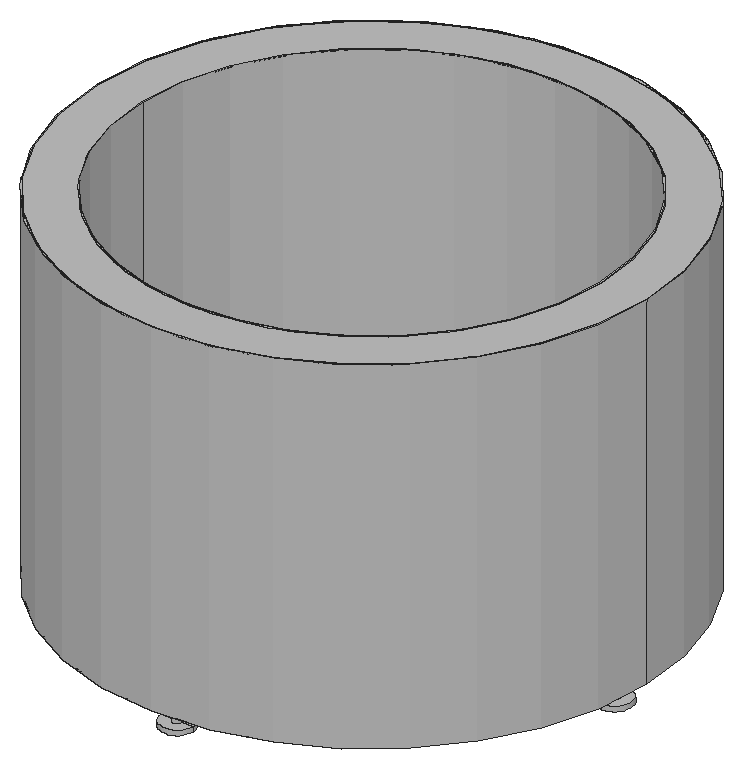
Revit family "L-FUC_식재대_YP-210_예건", category 일반 모델, Revit 2021
Family settings
  보강 철근 호스트 가능 = 아니오
  원형 커넥터 치수 = 지름 사용
  부품 유형 = 보통
  작업 기준면 기반 = 아니오
  항상 수직 = 예
  로드될 때 보이드를 사용하여 절단 = 아니오
  공유 = 아니오
  룸 계산 점 = 아니오
Parameters
  한국산업규격KS = ""
  조달청표준공사코드-세부공종 = ""
  기본 입면도 = 0 mm
  건설정보분류체계-부위분류 = "E988"
  LIM_INFO_주의사항 = "재배포, 재가공, 판매 금지"
  LIM_INFO_제품업체 = "예건"
  LIM_INFO_제품번호 = "YF-16"
  LIM_INFO_제품명 = "펜스_YF-16"
  LIM_INFO_제작일 = "20230315"
  LIM_INFO_재료 = "Hardwood, STL-pipe, STL-plate"
  LIM_INFO_업체정보 = ""
  LIM_INFO_업체URL = "https://yekun.com/"
  LIM_INFO_업체TEL = "(+82)31-943-6114"
  LIM_INFO_업체EMAIL = "yekun@yekun.com"
  LIM_INFO_버전 = "2023_V01"
  LIM_INFO_기타정보 = ""
  LIM_INFO_규격 = "W2000 x H1800"
  LIM_INFO_가격 = 0
  LIM_INFO_PV_포장재여부 = yes
  LIM_INFO_PV_면적 = 0.00 m²
  KBIMS_식별-버전 = ""
  KBIMS_식별-bSK등록번호 = ""
  KBIMS_보급정보-저작자 = "림인포테크_MMJ"
  KBIMS_보급정보-보급코드 = ""
Reference planes
  plane 1 "중심(앞/뒤)": y = 0
  plane 2: z = 0
  plane 3 "중심(왼쪽/오른쪽)": x = 0
Dimensions and locks
  aligned and locked: level to plane 2
Nested families
  nested 1: "YP-210_base" at (0, 0, 0), type "YP-210_base"
Definition of nested family "YP-210_base"
  Parameters (values of type "YP-210_base")
    Default Elevation = 0 mm
  Reference planes
    plane 1 "중심(앞/뒤)": y = 0
    plane 2: z = 0
    plane 3 "중심(왼쪽/오른쪽)": x = 0
  Forms (mm)
    Sweep 1, solid, not visible, detail levels fine
      path origin (0, 0, 0) x (1, 0, 0) y (0, 1, 0)
        loop
          circle (-1867.879, -167.062) r 568.25
      profile origin (-1867.879, 401.188, 0) x (0, -1, 0) y (0, 0, 1)
        loop
          circle (0, 0) r 28.75
        loop
          circle (0, 0) r 30.25
    Sweep 2, solid, not visible, detail levels coarse+medium
      path origin (0, 0, 0) x (1, 0, 0) y (0, 1, 0)
        loop
          circle (-1867.879, -167.062) r 568.25
      profile origin (-1867.879, 401.188, 0) x (0, -1, 0) y (0, 0, 1)
        loop
          line (26.465, -11.234) -> (26.657, 10.77) -> (11.234, 26.465) -> (-10.77, 26.657) -> (-26.465, 11.234) -> (-26.657, -10.77) -> (-11.234, -26.465) -> (10.77, -26.657) -> (26.465, -11.234)
        loop
          line (28.047, 11.332) -> (11.82, 27.845) -> (-11.332, 28.047) -> (-27.845, 11.82) -> (-28.047, -11.332) -> (-11.82, -27.845) -> (11.332, -28.047) -> (27.845, -11.82) -> (28.047, 11.332)
    Sweep 3, solid, not visible, detail levels fine
      path origin (0, 0, -1310.25) x (1, 0, 0) y (0, 1, 0)
        loop
          circle (-1867.879, -167.062) r 568.25
      profile origin (-1867.879, 401.188, -1310.25) x (0, -1, 0) y (0, 0, 1)
        loop
          circle (0, 1310.25) r 28.75
        loop
          circle (0, 1310.25) r 30.25
    Sweep 4, solid, not visible, detail levels coarse+medium
      path origin (0, 0, -1310.25) x (1, 0, 0) y (0, 1, 0)
        loop
          circle (-1867.879, -167.062) r 568.25
      profile origin (-1867.879, 401.188, -1310.25) x (0, -1, 0) y (0, 0, 1)
        loop
          line (26.465, 1299.016) -> (26.657, 1321.02) -> (11.234, 1336.715) -> (-10.77, 1336.907) -> (-26.465, 1321.484) -> (-26.657, 1299.48) -> (-11.234, 1283.785) -> (10.77, 1283.593) -> (26.465, 1299.016)
        loop
          line (28.047, 1321.582) -> (11.82, 1338.095) -> (-11.332, 1338.297) -> (-27.845, 1322.07) -> (-28.047, 1298.918) -> (-11.82, 1282.405) -> (11.332, 1282.203) -> (27.845, 1298.43) -> (28.047, 1321.582)
    Extrusion 5, solid, not visible
      sketch origin (0, 0, 0) x (1, 0, 0) y (0, 1, 0)
        loop
          line (-1678.243, -2480.024) -> (-1613.986, -2453.408)
          arc (-1613.986, -2453.408) -> (-1612.495, -2452.007) -> (-1612.304, -2449.969) r 2.893
          line (-1612.304, -2449.969) -> (-1622.315, -2413.562) -> (-1700.528, -2445.959) -> (-1681.864, -2478.781)
          arc (-1681.864, -2478.781) -> (-1680.288, -2480.087) -> (-1678.243, -2480.024) r 2.893
        loop
          line (-1517.968, -2394.568) -> (-1465.081, -2349.398)
          arc (-1465.081, -2349.398) -> (-1464.096, -2347.605) -> (-1464.544, -2345.608) r 2.893
          line (-1464.544, -2345.608) -> (-1485.315, -2314.077) -> (-1549.689, -2369.057) -> (-1521.796, -2394.505)
          arc (-1521.796, -2394.505) -> (-1519.893, -2395.26) -> (-1517.968, -2394.568) r 2.893
        loop
          line (-1391.945, -2263.766) -> (-1355.605, -2204.465)
          arc (-1355.605, -2204.465) -> (-1355.222, -2202.454) -> (-1356.265, -2200.694) r 2.893
          line (-1356.265, -2200.694) -> (-1385.763, -2177.125) -> (-1429.997, -2249.307) -> (-1395.605, -2264.89)
          arc (-1395.605, -2264.89) -> (-1393.562, -2265.02) -> (-1391.945, -2263.766) r 2.893
        loop
          line (-1312.509, -2100.424) -> (-1296.273, -2032.795)
          arc (-1296.273, -2032.795) -> (-1296.53, -2030.765) -> (-1298.067, -2029.413) r 2.893
          line (-1298.067, -2029.413) -> (-1333.404, -2016.112) -> (-1353.167, -2098.431) -> (-1315.643, -2102.623)
          arc (-1315.643, -2102.623) -> (-1313.66, -2102.116) -> (-1312.509, -2100.424) r 2.893
        loop
          line (-1287.437, -1920.529) -> (-1292.894, -1851.193)
          arc (-1292.894, -1851.193) -> (-1293.766, -1849.341) -> (-1295.645, -1848.53) r 2.893
          line (-1295.645, -1848.53) -> (-1333.364, -1846.801) -> (-1326.722, -1931.197) -> (-1289.738, -1923.589)
          arc (-1289.738, -1923.589) -> (-1288.009, -1922.494) -> (-1287.437, -1920.529) r 2.893
        loop
          line (-1319.183, -1741.691) -> (-1345.799, -1677.435)
          arc (-1345.799, -1677.435) -> (-1347.201, -1675.943) -> (-1349.238, -1675.753) r 2.893
          line (-1349.238, -1675.753) -> (-1385.645, -1685.763) -> (-1353.248, -1763.977) -> (-1320.426, -1745.312)
          arc (-1320.426, -1745.312) -> (-1319.12, -1743.736) -> (-1319.183, -1741.691) r 2.893
        loop
          line (-1404.64, -1581.416) -> (-1449.809, -1528.529)
          arc (-1449.809, -1528.529) -> (-1451.603, -1527.544) -> (-1453.6, -1527.992) r 2.893
          line (-1453.6, -1527.992) -> (-1485.131, -1548.764) -> (-1430.15, -1613.138) -> (-1404.702, -1585.244)
          arc (-1404.702, -1585.244) -> (-1403.947, -1583.342) -> (-1404.64, -1581.416) r 2.893
        loop
          line (-1535.441, -1455.393) -> (-1594.742, -1419.053)
          arc (-1594.742, -1419.053) -> (-1596.753, -1418.67) -> (-1598.513, -1419.714) r 2.893
          line (-1598.513, -1419.714) -> (-1622.083, -1449.212) -> (-1549.9, -1493.445) -> (-1534.317, -1459.053)
          arc (-1534.317, -1459.053) -> (-1534.187, -1457.01) -> (-1535.441, -1455.393) r 2.893
        loop
          line (-1698.784, -1375.958) -> (-1766.412, -1359.721)
          arc (-1766.412, -1359.721) -> (-1768.443, -1359.978) -> (-1769.795, -1361.515) r 2.893
          line (-1769.795, -1361.515) -> (-1783.095, -1396.853) -> (-1700.777, -1416.616) -> (-1696.584, -1379.091)
          arc (-1696.584, -1379.091) -> (-1697.091, -1377.108) -> (-1698.784, -1375.958) r 2.893
        loop
          line (-1878.679, -1350.886) -> (-1948.015, -1356.343)
          arc (-1948.015, -1356.343) -> (-1949.866, -1357.215) -> (-1950.677, -1359.094) r 2.893
          line (-1950.677, -1359.094) -> (-1952.406, -1396.812) -> (-1868.01, -1390.17) -> (-1875.618, -1353.187)
          arc (-1875.618, -1353.187) -> (-1876.713, -1351.457) -> (-1878.679, -1350.886) r 2.893
        loop
          line (-2057.516, -1382.632) -> (-2121.773, -1409.247)
          arc (-2121.773, -1409.247) -> (-2123.264, -1410.649) -> (-2123.455, -1412.687) r 2.893
          line (-2123.455, -1412.687) -> (-2113.444, -1449.093) -> (-2035.231, -1416.696) -> (-2053.895, -1383.874)
          arc (-2053.895, -1383.874) -> (-2055.471, -1382.568) -> (-2057.516, -1382.632) r 2.893
        loop
          line (-2217.791, -1468.088) -> (-2270.678, -1513.257)
          arc (-2270.678, -1513.257) -> (-2271.663, -1515.051) -> (-2271.215, -1517.048) r 2.893
          line (-2271.215, -1517.048) -> (-2250.444, -1548.579) -> (-2186.07, -1493.598) -> (-2213.963, -1468.15)
          arc (-2213.963, -1468.15) -> (-2215.865, -1467.395) -> (-2217.791, -1468.088) r 2.893
        loop
          line (-2343.814, -1598.889) -> (-2380.154, -1658.191)
          arc (-2380.154, -1658.191) -> (-2380.537, -1660.201) -> (-2379.494, -1661.962) r 2.893
          line (-2379.494, -1661.962) -> (-2349.996, -1685.531) -> (-2305.762, -1613.349) -> (-2340.154, -1597.766)
          arc (-2340.154, -1597.766) -> (-2342.197, -1597.635) -> (-2343.814, -1598.889) r 2.893
        loop
          line (-2437.692, -1833.243) -> (-2402.355, -1846.543) -> (-2382.592, -1764.225) -> (-2420.116, -1760.032)
          arc (-2420.116, -1760.032) -> (-2422.099, -1760.539) -> (-2423.25, -1762.232) r 2.893
          line (-2423.25, -1762.232) -> (-2439.486, -1829.861)
          arc (-2439.486, -1829.861) -> (-2439.229, -1831.891) -> (-2437.692, -1833.243) r 2.893
        loop
          line (-2440.113, -2014.125) -> (-2402.395, -2015.855) -> (-2409.037, -1931.458) -> (-2446.021, -1939.067)
          arc (-2446.021, -1939.067) -> (-2447.75, -1940.162) -> (-2448.322, -1942.127) r 2.893
          line (-2448.322, -1942.127) -> (-2442.865, -2011.463)
          arc (-2442.865, -2011.463) -> (-2441.993, -2013.314) -> (-2440.113, -2014.125) r 2.893
        loop
          line (-2386.521, -2186.903) -> (-2350.114, -2176.892) -> (-2382.511, -2098.679) -> (-2415.333, -2117.343)
          arc (-2415.333, -2117.343) -> (-2416.639, -2118.919) -> (-2416.576, -2120.965) r 2.893
          line (-2416.576, -2120.965) -> (-2389.96, -2185.221)
          arc (-2389.96, -2185.221) -> (-2388.558, -2186.712) -> (-2386.521, -2186.903) r 2.893
        loop
          line (-2282.159, -2334.663) -> (-2250.628, -2313.892) -> (-2305.609, -2249.518) -> (-2331.057, -2277.412)
          arc (-2331.057, -2277.412) -> (-2331.812, -2279.314) -> (-2331.119, -2281.24) r 2.893
          line (-2331.119, -2281.24) -> (-2285.95, -2334.126)
          arc (-2285.95, -2334.126) -> (-2284.156, -2335.112) -> (-2282.159, -2334.663) r 2.893
        loop
          line (-2137.246, -2442.942) -> (-2113.676, -2413.444) -> (-2185.859, -2369.21) -> (-2201.441, -2403.603)
          arc (-2201.441, -2403.603) -> (-2201.572, -2405.645) -> (-2200.318, -2407.263) r 2.893
          line (-2200.318, -2407.263) -> (-2141.017, -2443.603)
          arc (-2141.017, -2443.603) -> (-2139.006, -2443.986) -> (-2137.246, -2442.942) r 2.893
        loop
          line (-1965.964, -2501.141) -> (-1952.664, -2465.803) -> (-2034.982, -2446.04) -> (-2039.175, -2483.564)
          arc (-2039.175, -2483.564) -> (-2038.668, -2485.547) -> (-2036.975, -2486.698) r 2.893
          line (-2036.975, -2486.698) -> (-1969.347, -2502.934)
          arc (-1969.347, -2502.934) -> (-1967.316, -2502.677) -> (-1965.964, -2501.141) r 2.893
        loop
          line (-1785.082, -2503.562) -> (-1783.353, -2465.844) -> (-1867.749, -2472.486) -> (-1860.141, -2509.469)
          arc (-1860.141, -2509.469) -> (-1859.046, -2511.198) -> (-1857.08, -2511.77) r 2.893
          line (-1857.08, -2511.77) -> (-1787.744, -2506.313)
          arc (-1787.744, -2506.313) -> (-1785.893, -2505.441) -> (-1785.082, -2503.562) r 2.893
      from 0 to 680
    Extrusion 6, solid, not visible
      sketch origin (-326.184, 269.167, 0) x (0.987613, 0.156911, 0) y (-0.156911, 0.987613, 0)
        loop
          line (-1678.243, -2480.024) -> (-1613.986, -2453.408)
          arc (-1613.986, -2453.408) -> (-1612.495, -2452.007) -> (-1612.304, -2449.969) r 2.893
          line (-1612.304, -2449.969) -> (-1622.315, -2413.562) -> (-1700.528, -2445.959) -> (-1681.864, -2478.781)
          arc (-1681.864, -2478.781) -> (-1680.288, -2480.087) -> (-1678.243, -2480.024) r 2.893
        loop
          line (-1517.968, -2394.568) -> (-1465.081, -2349.398)
          arc (-1465.081, -2349.398) -> (-1464.096, -2347.605) -> (-1464.544, -2345.608) r 2.893
          line (-1464.544, -2345.608) -> (-1485.315, -2314.077) -> (-1549.689, -2369.057) -> (-1521.796, -2394.505)
          arc (-1521.796, -2394.505) -> (-1519.893, -2395.26) -> (-1517.968, -2394.568) r 2.893
        loop
          line (-1391.945, -2263.766) -> (-1355.605, -2204.465)
          arc (-1355.605, -2204.465) -> (-1355.222, -2202.454) -> (-1356.265, -2200.694) r 2.893
          line (-1356.265, -2200.694) -> (-1385.763, -2177.125) -> (-1429.997, -2249.307) -> (-1395.605, -2264.89)
          arc (-1395.605, -2264.89) -> (-1393.562, -2265.02) -> (-1391.945, -2263.766) r 2.893
        loop
          line (-1312.509, -2100.424) -> (-1296.273, -2032.795)
          arc (-1296.273, -2032.795) -> (-1296.53, -2030.765) -> (-1298.067, -2029.413) r 2.893
          line (-1298.067, -2029.413) -> (-1333.404, -2016.112) -> (-1353.167, -2098.431) -> (-1315.643, -2102.623)
          arc (-1315.643, -2102.623) -> (-1313.66, -2102.116) -> (-1312.509, -2100.424) r 2.893
        loop
          line (-1287.437, -1920.529) -> (-1292.894, -1851.193)
          arc (-1292.894, -1851.193) -> (-1293.766, -1849.341) -> (-1295.645, -1848.53) r 2.893
          line (-1295.645, -1848.53) -> (-1333.364, -1846.801) -> (-1326.722, -1931.197) -> (-1289.738, -1923.589)
          arc (-1289.738, -1923.589) -> (-1288.009, -1922.494) -> (-1287.437, -1920.529) r 2.893
        loop
          line (-1319.183, -1741.691) -> (-1345.799, -1677.435)
          arc (-1345.799, -1677.435) -> (-1347.201, -1675.943) -> (-1349.238, -1675.753) r 2.893
          line (-1349.238, -1675.753) -> (-1385.645, -1685.763) -> (-1353.248, -1763.977) -> (-1320.426, -1745.312)
          arc (-1320.426, -1745.312) -> (-1319.12, -1743.736) -> (-1319.183, -1741.691) r 2.893
        loop
          line (-1404.64, -1581.416) -> (-1449.809, -1528.529)
          arc (-1449.809, -1528.529) -> (-1451.603, -1527.544) -> (-1453.6, -1527.992) r 2.893
          line (-1453.6, -1527.992) -> (-1485.131, -1548.764) -> (-1430.15, -1613.138) -> (-1404.702, -1585.244)
          arc (-1404.702, -1585.244) -> (-1403.947, -1583.342) -> (-1404.64, -1581.416) r 2.893
        loop
          line (-1535.441, -1455.393) -> (-1594.742, -1419.053)
          arc (-1594.742, -1419.053) -> (-1596.753, -1418.67) -> (-1598.513, -1419.714) r 2.893
          line (-1598.513, -1419.714) -> (-1622.083, -1449.212) -> (-1549.9, -1493.445) -> (-1534.317, -1459.053)
          arc (-1534.317, -1459.053) -> (-1534.187, -1457.01) -> (-1535.441, -1455.393) r 2.893
        loop
          line (-1698.784, -1375.958) -> (-1766.412, -1359.721)
          arc (-1766.412, -1359.721) -> (-1768.443, -1359.978) -> (-1769.795, -1361.515) r 2.893
          line (-1769.795, -1361.515) -> (-1783.095, -1396.853) -> (-1700.777, -1416.616) -> (-1696.584, -1379.091)
          arc (-1696.584, -1379.091) -> (-1697.091, -1377.108) -> (-1698.784, -1375.958) r 2.893
        loop
          line (-1878.679, -1350.886) -> (-1948.015, -1356.343)
          arc (-1948.015, -1356.343) -> (-1949.866, -1357.215) -> (-1950.677, -1359.094) r 2.893
          line (-1950.677, -1359.094) -> (-1952.406, -1396.812) -> (-1868.01, -1390.17) -> (-1875.618, -1353.187)
          arc (-1875.618, -1353.187) -> (-1876.713, -1351.457) -> (-1878.679, -1350.886) r 2.893
        loop
          line (-2057.516, -1382.632) -> (-2121.773, -1409.247)
          arc (-2121.773, -1409.247) -> (-2123.264, -1410.649) -> (-2123.455, -1412.687) r 2.893
          line (-2123.455, -1412.687) -> (-2113.444, -1449.093) -> (-2035.231, -1416.696) -> (-2053.895, -1383.874)
          arc (-2053.895, -1383.874) -> (-2055.471, -1382.568) -> (-2057.516, -1382.632) r 2.893
        loop
          line (-2217.791, -1468.088) -> (-2270.678, -1513.257)
          arc (-2270.678, -1513.257) -> (-2271.663, -1515.051) -> (-2271.215, -1517.048) r 2.893
          line (-2271.215, -1517.048) -> (-2250.444, -1548.579) -> (-2186.07, -1493.598) -> (-2213.963, -1468.15)
          arc (-2213.963, -1468.15) -> (-2215.865, -1467.395) -> (-2217.791, -1468.088) r 2.893
        loop
          line (-2343.814, -1598.889) -> (-2380.154, -1658.191)
          arc (-2380.154, -1658.191) -> (-2380.537, -1660.201) -> (-2379.494, -1661.962) r 2.893
          line (-2379.494, -1661.962) -> (-2349.996, -1685.531) -> (-2305.762, -1613.349) -> (-2340.154, -1597.766)
          arc (-2340.154, -1597.766) -> (-2342.197, -1597.635) -> (-2343.814, -1598.889) r 2.893
        loop
          line (-2437.692, -1833.243) -> (-2402.355, -1846.543) -> (-2382.592, -1764.225) -> (-2420.116, -1760.032)
          arc (-2420.116, -1760.032) -> (-2422.099, -1760.539) -> (-2423.25, -1762.232) r 2.893
          line (-2423.25, -1762.232) -> (-2439.486, -1829.861)
          arc (-2439.486, -1829.861) -> (-2439.229, -1831.891) -> (-2437.692, -1833.243) r 2.893
        loop
          line (-2440.113, -2014.125) -> (-2402.395, -2015.855) -> (-2409.037, -1931.458) -> (-2446.021, -1939.067)
          arc (-2446.021, -1939.067) -> (-2447.75, -1940.162) -> (-2448.322, -1942.127) r 2.893
          line (-2448.322, -1942.127) -> (-2442.865, -2011.463)
          arc (-2442.865, -2011.463) -> (-2441.993, -2013.314) -> (-2440.113, -2014.125) r 2.893
        loop
          line (-2386.521, -2186.903) -> (-2350.114, -2176.892) -> (-2382.511, -2098.679) -> (-2415.333, -2117.343)
          arc (-2415.333, -2117.343) -> (-2416.639, -2118.919) -> (-2416.576, -2120.965) r 2.893
          line (-2416.576, -2120.965) -> (-2389.96, -2185.221)
          arc (-2389.96, -2185.221) -> (-2388.558, -2186.712) -> (-2386.521, -2186.903) r 2.893
        loop
          line (-2282.159, -2334.663) -> (-2250.628, -2313.892) -> (-2305.609, -2249.518) -> (-2331.057, -2277.412)
          arc (-2331.057, -2277.412) -> (-2331.812, -2279.314) -> (-2331.119, -2281.24) r 2.893
          line (-2331.119, -2281.24) -> (-2285.95, -2334.126)
          arc (-2285.95, -2334.126) -> (-2284.156, -2335.112) -> (-2282.159, -2334.663) r 2.893
        loop
          line (-2137.246, -2442.942) -> (-2113.676, -2413.444) -> (-2185.859, -2369.21) -> (-2201.441, -2403.603)
          arc (-2201.441, -2403.603) -> (-2201.572, -2405.645) -> (-2200.318, -2407.263) r 2.893
          line (-2200.318, -2407.263) -> (-2141.017, -2443.603)
          arc (-2141.017, -2443.603) -> (-2139.006, -2443.986) -> (-2137.246, -2442.942) r 2.893
        loop
          line (-1965.964, -2501.141) -> (-1952.664, -2465.803) -> (-2034.982, -2446.04) -> (-2039.175, -2483.564)
          arc (-2039.175, -2483.564) -> (-2038.668, -2485.547) -> (-2036.975, -2486.698) r 2.893
          line (-2036.975, -2486.698) -> (-1969.347, -2502.934)
          arc (-1969.347, -2502.934) -> (-1967.316, -2502.677) -> (-1965.964, -2501.141) r 2.893
        loop
          line (-1785.082, -2503.562) -> (-1783.353, -2465.844) -> (-1867.749, -2472.486) -> (-1860.141, -2509.469)
          arc (-1860.141, -2509.469) -> (-1859.046, -2511.198) -> (-1857.08, -2511.77) r 2.893
          line (-1857.08, -2511.77) -> (-1787.744, -2506.313)
          arc (-1787.744, -2506.313) -> (-1785.893, -2505.441) -> (-1785.082, -2503.562) r 2.893
      from 0 to 680
    Extrusion 7, solid, not visible
      sketch origin (0, 0, 0) x (1, 0, 0) y (0, 1, 0)
        loop
          circle (-1867.879, -1931.328) r 537.5
        loop
          circle (-1867.879, -1931.328) r 539.5
      from 0 to 794.31
    Sweep 8, solid, not visible, detail levels fine
      path origin (0, -1764.266, -542.405) x (1, 0, 0) y (0, 1, 0)
        loop
          circle (-1867.879, -167.062) r 568.25
      profile origin (-1867.879, -1363.078, -542.405) x (0, -1, 0) y (0, 0, 1)
        loop
          circle (0, 1310.25) r 28.75
        loop
          circle (0, 1310.25) r 30.25
    Sweep 9, solid, not visible, detail levels coarse+medium
      path origin (0, -1764.266, -542.405) x (1, 0, 0) y (0, 1, 0)
        loop
          circle (-1867.879, -167.062) r 568.25
      profile origin (-1867.879, -1363.078, -542.405) x (0, -1, 0) y (0, 0, 1)
        loop
          line (26.465, 1299.016) -> (26.657, 1321.02) -> (11.234, 1336.715) -> (-10.77, 1336.907) -> (-26.465, 1321.484) -> (-26.657, 1299.48) -> (-11.234, 1283.785) -> (10.77, 1283.593) -> (26.465, 1299.016)
        loop
          line (28.047, 1321.582) -> (11.82, 1338.095) -> (-11.332, 1338.297) -> (-27.845, 1322.07) -> (-28.047, 1298.918) -> (-11.82, 1282.405) -> (11.332, 1282.203) -> (27.845, 1298.43) -> (28.047, 1321.582)
    Sweep 10, solid, not visible, detail levels fine
      path origin (0, -1764.266, -1278.297) x (1, 0, 0) y (0, 1, 0)
        loop
          circle (-1867.879, -167.062) r 568.25
      profile origin (-1867.879, -1363.078, -1278.297) x (0, -1, 0) y (0, 0, 1)
        loop
          circle (0, 1310.25) r 28.75
        loop
          circle (0, 1310.25) r 30.25
    Sweep 11, solid, not visible, detail levels coarse+medium
      path origin (0, -1764.266, -1278.297) x (1, 0, 0) y (0, 1, 0)
        loop
          circle (-1867.879, -167.062) r 568.25
      profile origin (-1867.879, -1363.078, -1278.297) x (0, -1, 0) y (0, 0, 1)
        loop
          line (26.465, 1299.016) -> (26.657, 1321.02) -> (11.234, 1336.715) -> (-10.77, 1336.907) -> (-26.465, 1321.484) -> (-26.657, 1299.48) -> (-11.234, 1283.785) -> (10.77, 1283.593) -> (26.465, 1299.016)
        loop
          line (28.047, 1321.582) -> (11.82, 1338.095) -> (-11.332, 1338.297) -> (-27.845, 1322.07) -> (-28.047, 1298.918) -> (-11.82, 1282.405) -> (11.332, 1282.203) -> (27.845, 1298.43) -> (28.047, 1321.582)
    Extrusion 12, solid, not visible
      sketch origin (0, 0, 60) x (1, 0, 0) y (0, 1, 0)
        loop
          line (-1678.243, -2480.024) -> (-1613.986, -2453.408)
          arc (-1613.986, -2453.408) -> (-1612.495, -2452.007) -> (-1612.304, -2449.969) r 2.893
          line (-1612.304, -2449.969) -> (-1622.315, -2413.562) -> (-1700.528, -2445.959) -> (-1681.864, -2478.781)
          arc (-1681.864, -2478.781) -> (-1680.288, -2480.087) -> (-1678.243, -2480.024) r 2.893
        loop
          line (-1517.968, -2394.568) -> (-1465.081, -2349.398)
          arc (-1465.081, -2349.398) -> (-1464.096, -2347.605) -> (-1464.544, -2345.608) r 2.893
          line (-1464.544, -2345.608) -> (-1485.315, -2314.077) -> (-1549.689, -2369.057) -> (-1521.796, -2394.505)
          arc (-1521.796, -2394.505) -> (-1519.893, -2395.26) -> (-1517.968, -2394.568) r 2.893
        loop
          line (-1391.945, -2263.766) -> (-1355.605, -2204.465)
          arc (-1355.605, -2204.465) -> (-1355.222, -2202.454) -> (-1356.265, -2200.694) r 2.893
          line (-1356.265, -2200.694) -> (-1385.763, -2177.125) -> (-1429.997, -2249.307) -> (-1395.605, -2264.89)
          arc (-1395.605, -2264.89) -> (-1393.562, -2265.02) -> (-1391.945, -2263.766) r 2.893
        loop
          line (-1312.509, -2100.424) -> (-1296.273, -2032.795)
          arc (-1296.273, -2032.795) -> (-1296.53, -2030.765) -> (-1298.067, -2029.413) r 2.893
          line (-1298.067, -2029.413) -> (-1333.404, -2016.112) -> (-1353.167, -2098.431) -> (-1315.643, -2102.623)
          arc (-1315.643, -2102.623) -> (-1313.66, -2102.116) -> (-1312.509, -2100.424) r 2.893
        loop
          line (-1287.437, -1920.529) -> (-1292.894, -1851.193)
          arc (-1292.894, -1851.193) -> (-1293.766, -1849.341) -> (-1295.645, -1848.53) r 2.893
          line (-1295.645, -1848.53) -> (-1333.364, -1846.801) -> (-1326.722, -1931.197) -> (-1289.738, -1923.589)
          arc (-1289.738, -1923.589) -> (-1288.009, -1922.494) -> (-1287.437, -1920.529) r 2.893
        loop
          line (-1319.183, -1741.691) -> (-1345.799, -1677.435)
          arc (-1345.799, -1677.435) -> (-1347.201, -1675.943) -> (-1349.238, -1675.753) r 2.893
          line (-1349.238, -1675.753) -> (-1385.645, -1685.763) -> (-1353.248, -1763.977) -> (-1320.426, -1745.312)
          arc (-1320.426, -1745.312) -> (-1319.12, -1743.736) -> (-1319.183, -1741.691) r 2.893
        loop
          line (-1404.64, -1581.416) -> (-1449.809, -1528.529)
          arc (-1449.809, -1528.529) -> (-1451.603, -1527.544) -> (-1453.6, -1527.992) r 2.893
          line (-1453.6, -1527.992) -> (-1485.131, -1548.764) -> (-1430.15, -1613.138) -> (-1404.702, -1585.244)
          arc (-1404.702, -1585.244) -> (-1403.947, -1583.342) -> (-1404.64, -1581.416) r 2.893
        loop
          line (-1535.441, -1455.393) -> (-1594.742, -1419.053)
          arc (-1594.742, -1419.053) -> (-1596.753, -1418.67) -> (-1598.513, -1419.714) r 2.893
          line (-1598.513, -1419.714) -> (-1622.083, -1449.212) -> (-1549.9, -1493.445) -> (-1534.317, -1459.053)
          arc (-1534.317, -1459.053) -> (-1534.187, -1457.01) -> (-1535.441, -1455.393) r 2.893
        loop
          line (-1698.784, -1375.958) -> (-1766.412, -1359.721)
          arc (-1766.412, -1359.721) -> (-1768.443, -1359.978) -> (-1769.795, -1361.515) r 2.893
          line (-1769.795, -1361.515) -> (-1783.095, -1396.853) -> (-1700.777, -1416.616) -> (-1696.584, -1379.091)
          arc (-1696.584, -1379.091) -> (-1697.091, -1377.108) -> (-1698.784, -1375.958) r 2.893
        loop
          line (-1878.679, -1350.886) -> (-1948.015, -1356.343)
          arc (-1948.015, -1356.343) -> (-1949.866, -1357.215) -> (-1950.677, -1359.094) r 2.893
          line (-1950.677, -1359.094) -> (-1952.406, -1396.812) -> (-1868.01, -1390.17) -> (-1875.618, -1353.187)
          arc (-1875.618, -1353.187) -> (-1876.713, -1351.457) -> (-1878.679, -1350.886) r 2.893
        loop
          line (-2057.516, -1382.632) -> (-2121.773, -1409.247)
          arc (-2121.773, -1409.247) -> (-2123.264, -1410.649) -> (-2123.455, -1412.687) r 2.893
          line (-2123.455, -1412.687) -> (-2113.444, -1449.093) -> (-2035.231, -1416.696) -> (-2053.895, -1383.874)
          arc (-2053.895, -1383.874) -> (-2055.471, -1382.568) -> (-2057.516, -1382.632) r 2.893
        loop
          line (-2217.791, -1468.088) -> (-2270.678, -1513.257)
          arc (-2270.678, -1513.257) -> (-2271.663, -1515.051) -> (-2271.215, -1517.048) r 2.893
          line (-2271.215, -1517.048) -> (-2250.444, -1548.579) -> (-2186.07, -1493.598) -> (-2213.963, -1468.15)
          arc (-2213.963, -1468.15) -> (-2215.865, -1467.395) -> (-2217.791, -1468.088) r 2.893
        loop
          line (-2343.814, -1598.889) -> (-2380.154, -1658.191)
          arc (-2380.154, -1658.191) -> (-2380.537, -1660.201) -> (-2379.494, -1661.962) r 2.893
          line (-2379.494, -1661.962) -> (-2349.996, -1685.531) -> (-2305.762, -1613.349) -> (-2340.154, -1597.766)
          arc (-2340.154, -1597.766) -> (-2342.197, -1597.635) -> (-2343.814, -1598.889) r 2.893
        loop
          line (-2437.692, -1833.243) -> (-2402.355, -1846.543) -> (-2382.592, -1764.225) -> (-2420.116, -1760.032)
          arc (-2420.116, -1760.032) -> (-2422.099, -1760.539) -> (-2423.25, -1762.232) r 2.893
          line (-2423.25, -1762.232) -> (-2439.486, -1829.861)
          arc (-2439.486, -1829.861) -> (-2439.229, -1831.891) -> (-2437.692, -1833.243) r 2.893
        loop
          line (-2440.113, -2014.125) -> (-2402.395, -2015.855) -> (-2409.037, -1931.458) -> (-2446.021, -1939.067)
          arc (-2446.021, -1939.067) -> (-2447.75, -1940.162) -> (-2448.322, -1942.127) r 2.893
          line (-2448.322, -1942.127) -> (-2442.865, -2011.463)
          arc (-2442.865, -2011.463) -> (-2441.993, -2013.314) -> (-2440.113, -2014.125) r 2.893
        loop
          line (-2386.521, -2186.903) -> (-2350.114, -2176.892) -> (-2382.511, -2098.679) -> (-2415.333, -2117.343)
          arc (-2415.333, -2117.343) -> (-2416.639, -2118.919) -> (-2416.576, -2120.965) r 2.893
          line (-2416.576, -2120.965) -> (-2389.96, -2185.221)
          arc (-2389.96, -2185.221) -> (-2388.558, -2186.712) -> (-2386.521, -2186.903) r 2.893
        loop
          line (-2282.159, -2334.663) -> (-2250.628, -2313.892) -> (-2305.609, -2249.518) -> (-2331.057, -2277.412)
          arc (-2331.057, -2277.412) -> (-2331.812, -2279.314) -> (-2331.119, -2281.24) r 2.893
          line (-2331.119, -2281.24) -> (-2285.95, -2334.126)
          arc (-2285.95, -2334.126) -> (-2284.156, -2335.112) -> (-2282.159, -2334.663) r 2.893
        loop
          line (-2137.246, -2442.942) -> (-2113.676, -2413.444) -> (-2185.859, -2369.21) -> (-2201.441, -2403.603)
          arc (-2201.441, -2403.603) -> (-2201.572, -2405.645) -> (-2200.318, -2407.263) r 2.893
          line (-2200.318, -2407.263) -> (-2141.017, -2443.603)
          arc (-2141.017, -2443.603) -> (-2139.006, -2443.986) -> (-2137.246, -2442.942) r 2.893
        loop
          line (-1965.964, -2501.141) -> (-1952.664, -2465.803) -> (-2034.982, -2446.04) -> (-2039.175, -2483.564)
          arc (-2039.175, -2483.564) -> (-2038.668, -2485.547) -> (-2036.975, -2486.698) r 2.893
          line (-2036.975, -2486.698) -> (-1969.347, -2502.934)
          arc (-1969.347, -2502.934) -> (-1967.316, -2502.677) -> (-1965.964, -2501.141) r 2.893
        loop
          line (-1785.082, -2503.562) -> (-1783.353, -2465.844) -> (-1867.749, -2472.486) -> (-1860.141, -2509.469)
          arc (-1860.141, -2509.469) -> (-1859.046, -2511.198) -> (-1857.08, -2511.77) r 2.893
          line (-1857.08, -2511.77) -> (-1787.744, -2506.313)
          arc (-1787.744, -2506.313) -> (-1785.893, -2505.441) -> (-1785.082, -2503.562) r 2.893
      from 0 to 680
    Extrusion 13, solid, not visible
      sketch origin (-326.184, 269.167, 60) x (0.987613, 0.156911, 0) y (-0.156911, 0.987613, 0)
        loop
          line (-1678.243, -2480.024) -> (-1613.986, -2453.408)
          arc (-1613.986, -2453.408) -> (-1612.495, -2452.007) -> (-1612.304, -2449.969) r 2.893
          line (-1612.304, -2449.969) -> (-1622.315, -2413.562) -> (-1700.528, -2445.959) -> (-1681.864, -2478.781)
          arc (-1681.864, -2478.781) -> (-1680.288, -2480.087) -> (-1678.243, -2480.024) r 2.893
        loop
          line (-1517.968, -2394.568) -> (-1465.081, -2349.398)
          arc (-1465.081, -2349.398) -> (-1464.096, -2347.605) -> (-1464.544, -2345.608) r 2.893
          line (-1464.544, -2345.608) -> (-1485.315, -2314.077) -> (-1549.689, -2369.057) -> (-1521.796, -2394.505)
          arc (-1521.796, -2394.505) -> (-1519.893, -2395.26) -> (-1517.968, -2394.568) r 2.893
        loop
          line (-1391.945, -2263.766) -> (-1355.605, -2204.465)
          arc (-1355.605, -2204.465) -> (-1355.222, -2202.454) -> (-1356.265, -2200.694) r 2.893
          line (-1356.265, -2200.694) -> (-1385.763, -2177.125) -> (-1429.997, -2249.307) -> (-1395.605, -2264.89)
          arc (-1395.605, -2264.89) -> (-1393.562, -2265.02) -> (-1391.945, -2263.766) r 2.893
        loop
          line (-1312.509, -2100.424) -> (-1296.273, -2032.795)
          arc (-1296.273, -2032.795) -> (-1296.53, -2030.765) -> (-1298.067, -2029.413) r 2.893
          line (-1298.067, -2029.413) -> (-1333.404, -2016.112) -> (-1353.167, -2098.431) -> (-1315.643, -2102.623)
          arc (-1315.643, -2102.623) -> (-1313.66, -2102.116) -> (-1312.509, -2100.424) r 2.893
        loop
          line (-1287.437, -1920.529) -> (-1292.894, -1851.193)
          arc (-1292.894, -1851.193) -> (-1293.766, -1849.341) -> (-1295.645, -1848.53) r 2.893
          line (-1295.645, -1848.53) -> (-1333.364, -1846.801) -> (-1326.722, -1931.197) -> (-1289.738, -1923.589)
          arc (-1289.738, -1923.589) -> (-1288.009, -1922.494) -> (-1287.437, -1920.529) r 2.893
        loop
          line (-1319.183, -1741.691) -> (-1345.799, -1677.435)
          arc (-1345.799, -1677.435) -> (-1347.201, -1675.943) -> (-1349.238, -1675.753) r 2.893
          line (-1349.238, -1675.753) -> (-1385.645, -1685.763) -> (-1353.248, -1763.977) -> (-1320.426, -1745.312)
          arc (-1320.426, -1745.312) -> (-1319.12, -1743.736) -> (-1319.183, -1741.691) r 2.893
        loop
          line (-1404.64, -1581.416) -> (-1449.809, -1528.529)
          arc (-1449.809, -1528.529) -> (-1451.603, -1527.544) -> (-1453.6, -1527.992) r 2.893
          line (-1453.6, -1527.992) -> (-1485.131, -1548.764) -> (-1430.15, -1613.138) -> (-1404.702, -1585.244)
          arc (-1404.702, -1585.244) -> (-1403.947, -1583.342) -> (-1404.64, -1581.416) r 2.893
        loop
          line (-1535.441, -1455.393) -> (-1594.742, -1419.053)
          arc (-1594.742, -1419.053) -> (-1596.753, -1418.67) -> (-1598.513, -1419.714) r 2.893
          line (-1598.513, -1419.714) -> (-1622.083, -1449.212) -> (-1549.9, -1493.445) -> (-1534.317, -1459.053)
          arc (-1534.317, -1459.053) -> (-1534.187, -1457.01) -> (-1535.441, -1455.393) r 2.893
        loop
          line (-1698.784, -1375.958) -> (-1766.412, -1359.721)
          arc (-1766.412, -1359.721) -> (-1768.443, -1359.978) -> (-1769.795, -1361.515) r 2.893
          line (-1769.795, -1361.515) -> (-1783.095, -1396.853) -> (-1700.777, -1416.616) -> (-1696.584, -1379.091)
          arc (-1696.584, -1379.091) -> (-1697.091, -1377.108) -> (-1698.784, -1375.958) r 2.893
        loop
          line (-1878.679, -1350.886) -> (-1948.015, -1356.343)
          arc (-1948.015, -1356.343) -> (-1949.866, -1357.215) -> (-1950.677, -1359.094) r 2.893
          line (-1950.677, -1359.094) -> (-1952.406, -1396.812) -> (-1868.01, -1390.17) -> (-1875.618, -1353.187)
          arc (-1875.618, -1353.187) -> (-1876.713, -1351.457) -> (-1878.679, -1350.886) r 2.893
        loop
          line (-2057.516, -1382.632) -> (-2121.773, -1409.247)
          arc (-2121.773, -1409.247) -> (-2123.264, -1410.649) -> (-2123.455, -1412.687) r 2.893
          line (-2123.455, -1412.687) -> (-2113.444, -1449.093) -> (-2035.231, -1416.696) -> (-2053.895, -1383.874)
          arc (-2053.895, -1383.874) -> (-2055.471, -1382.568) -> (-2057.516, -1382.632) r 2.893
        loop
          line (-2217.791, -1468.088) -> (-2270.678, -1513.257)
          arc (-2270.678, -1513.257) -> (-2271.663, -1515.051) -> (-2271.215, -1517.048) r 2.893
          line (-2271.215, -1517.048) -> (-2250.444, -1548.579) -> (-2186.07, -1493.598) -> (-2213.963, -1468.15)
          arc (-2213.963, -1468.15) -> (-2215.865, -1467.395) -> (-2217.791, -1468.088) r 2.893
        loop
          line (-2343.814, -1598.889) -> (-2380.154, -1658.191)
          arc (-2380.154, -1658.191) -> (-2380.537, -1660.201) -> (-2379.494, -1661.962) r 2.893
          line (-2379.494, -1661.962) -> (-2349.996, -1685.531) -> (-2305.762, -1613.349) -> (-2340.154, -1597.766)
          arc (-2340.154, -1597.766) -> (-2342.197, -1597.635) -> (-2343.814, -1598.889) r 2.893
        loop
          line (-2437.692, -1833.243) -> (-2402.355, -1846.543) -> (-2382.592, -1764.225) -> (-2420.116, -1760.032)
          arc (-2420.116, -1760.032) -> (-2422.099, -1760.539) -> (-2423.25, -1762.232) r 2.893
          line (-2423.25, -1762.232) -> (-2439.486, -1829.861)
          arc (-2439.486, -1829.861) -> (-2439.229, -1831.891) -> (-2437.692, -1833.243) r 2.893
        loop
          line (-2440.113, -2014.125) -> (-2402.395, -2015.855) -> (-2409.037, -1931.458) -> (-2446.021, -1939.067)
          arc (-2446.021, -1939.067) -> (-2447.75, -1940.162) -> (-2448.322, -1942.127) r 2.893
          line (-2448.322, -1942.127) -> (-2442.865, -2011.463)
          arc (-2442.865, -2011.463) -> (-2441.993, -2013.314) -> (-2440.113, -2014.125) r 2.893
        loop
          line (-2386.521, -2186.903) -> (-2350.114, -2176.892) -> (-2382.511, -2098.679) -> (-2415.333, -2117.343)
          arc (-2415.333, -2117.343) -> (-2416.639, -2118.919) -> (-2416.576, -2120.965) r 2.893
          line (-2416.576, -2120.965) -> (-2389.96, -2185.221)
          arc (-2389.96, -2185.221) -> (-2388.558, -2186.712) -> (-2386.521, -2186.903) r 2.893
        loop
          line (-2282.159, -2334.663) -> (-2250.628, -2313.892) -> (-2305.609, -2249.518) -> (-2331.057, -2277.412)
          arc (-2331.057, -2277.412) -> (-2331.812, -2279.314) -> (-2331.119, -2281.24) r 2.893
          line (-2331.119, -2281.24) -> (-2285.95, -2334.126)
          arc (-2285.95, -2334.126) -> (-2284.156, -2335.112) -> (-2282.159, -2334.663) r 2.893
        loop
          line (-2137.246, -2442.942) -> (-2113.676, -2413.444) -> (-2185.859, -2369.21) -> (-2201.441, -2403.603)
          arc (-2201.441, -2403.603) -> (-2201.572, -2405.645) -> (-2200.318, -2407.263) r 2.893
          line (-2200.318, -2407.263) -> (-2141.017, -2443.603)
          arc (-2141.017, -2443.603) -> (-2139.006, -2443.986) -> (-2137.246, -2442.942) r 2.893
        loop
          line (-1965.964, -2501.141) -> (-1952.664, -2465.803) -> (-2034.982, -2446.04) -> (-2039.175, -2483.564)
          arc (-2039.175, -2483.564) -> (-2038.668, -2485.547) -> (-2036.975, -2486.698) r 2.893
          line (-2036.975, -2486.698) -> (-1969.347, -2502.934)
          arc (-1969.347, -2502.934) -> (-1967.316, -2502.677) -> (-1965.964, -2501.141) r 2.893
        loop
          line (-1785.082, -2503.562) -> (-1783.353, -2465.844) -> (-1867.749, -2472.486) -> (-1860.141, -2509.469)
          arc (-1860.141, -2509.469) -> (-1859.046, -2511.198) -> (-1857.08, -2511.77) r 2.893
          line (-1857.08, -2511.77) -> (-1787.744, -2506.313)
          arc (-1787.744, -2506.313) -> (-1785.893, -2505.441) -> (-1785.082, -2503.562) r 2.893
      from 0 to 680
    Extrusion 14, solid, not visible
      sketch origin (0, -1764.266, 4.107) x (1, 0, 0) y (0, 1, 0)
        loop
          arc (-2404.542, -137.062) -> (-2405.379, -167.062) -> (-2404.542, -197.062) r 537.5
          line (-2404.542, -197.062) -> (-1331.217, -197.062)
          arc (-1331.217, -197.062) -> (-1330.379, -167.062) -> (-1331.217, -137.062) r 537.5
          line (-1331.217, -137.062) -> (-2404.542, -137.062)
      from 0 to 40
    Extrusion 15, solid, not visible
      sketch origin (-2034.942, -63.448, 4.107) x (0, 1, 0) y (-1, 0, 0)
        loop
          arc (-2404.542, -137.062) -> (-2405.379, -167.062) -> (-2404.542, -197.062) r 537.5
          line (-2404.542, -197.062) -> (-1331.217, -197.062)
          arc (-1331.217, -197.062) -> (-1330.379, -167.062) -> (-1331.217, -137.062) r 537.5
          line (-1331.217, -137.062) -> (-2404.542, -137.062)
      from 0 to 40
    Extrusion 16, solid, not visible
      sketch origin (0, -1764.266, 44.107) x (1, 0, 0) y (0, 1, 0)
        loop
          circle (-1867.879, -167.062) r 537.5
        loop
          circle (-2080.012, -379.194) r 10
        loop
          circle (-1655.747, -379.194) r 10
        loop
          circle (-1655.747, 45.07) r 10
        loop
          circle (-2080.012, 45.07) r 10
      from 0 to 1.2
    Extrusion 17, solid, not visible
      sketch origin (0, 142.026, 0) x (1, 0, 0) y (0, 0, 1)
        loop
          line (250.196, 700) -> (250.196, 50) -> (310.196, 50) -> (310.196, 700) -> (250.196, 700)
      from 0 to 20
    Extrusion 18, solid, detail levels fine
      sketch origin (1786.394, -638.455, 0) x (1, 0, 0) y (0, 1, 0)
        loop
          circle (-1783.785, 638.642) r 600
        loop
          circle (-1783.785, 638.642) r 598.7
        loop
          circle (-1783.785, 638.642) r 501.3
        loop
          circle (-1783.785, 638.642) r 500
      from 0 to 750
    Extrusion 19, solid, detail levels fine
      sketch origin (1786.394, -638.455, 0) x (1, 0, 0) y (0, 1, 0)
        loop
          circle (-1783.785, 638.642) r 501.3
        loop
          circle (-1783.785, 638.642) r 598.7
      from 0 to 1.3
    Extrusion 20, solid, detail levels fine
      sketch origin (1786.394, -638.455, 748.7) x (1, 0, 0) y (0, 1, 0)
        loop
          circle (-1783.785, 638.642) r 501.3
        loop
          circle (-1783.785, 638.642) r 598.7
      from 0 to 1.3
    Extrusion 21, solid, detail levels fine
      sketch origin (-537.391, 703.832, -243.788) x (0, 1, 0) y (0, 0, 1)
        loop
          line (-733.644, 245.088) -> (-733.644, 215.088) -> (-673.644, 215.088) -> (-673.644, 245.088) -> (-733.644, 245.088)
        loop
          line (-675.944, 242.788) -> (-731.344, 242.788) -> (-731.344, 217.388) -> (-675.944, 217.388) -> (-675.944, 242.788)
      from 0 to 1080
    Extrusion 22, solid, detail levels fine
      sketch origin (-701.035, -539.813, -243.788) x (-1, 0, 0) y (0, 0, 1)
        loop
          line (-733.644, 245.088) -> (-733.644, 215.088) -> (-673.644, 215.088) -> (-673.644, 245.088) -> (-733.644, 245.088)
        loop
          line (-675.944, 242.788) -> (-731.344, 242.788) -> (-731.344, 217.388) -> (-675.944, 217.388) -> (-675.944, 242.788)
      from 0 to 1080
    Extrusion 23, solid, detail levels fine
      sketch origin (1786.394, -638.455, 0) x (1, 0, 0) y (0, 1, 0)
        loop
          circle (-1783.785, 638.642) r 500
        loop
          circle (-1571.653, 850.774) r 15
        loop
          circle (-1995.917, 850.774) r 15
        loop
          circle (-1995.917, 426.51) r 15
        loop
          circle (-1571.653, 426.51) r 15
      from 0 to 1.2
    Revolve 24, solid, detail levels fine
      sketch origin (532.609, 99.554, -501.972) x (0, 1, 0) y (0, 0, 1)
        loop
          line (-99.366, 473.272) -> (-109.366, 473.272) -> (-109.366, 453.272) -> (-134.366, 453.272) -> (-134.366, 443.272) -> (-99.366, 443.272) -> (-99.366, 473.272)
        axis (-99.366, 473.272) -> (-99.366, 443.272)
      angle from 0 to 360
    Revolve 25, solid, detail levels fine
      sketch origin (-96.757, 530.187, -501.972) x (-1, 0, 0) y (0, 0, 1)
        loop
          line (-99.366, 473.272) -> (-109.366, 473.272) -> (-109.366, 453.272) -> (-134.366, 453.272) -> (-134.366, 443.272) -> (-99.366, 443.272) -> (-99.366, 473.272)
        axis (-99.366, 473.272) -> (-99.366, 443.272)
      angle from 0 to 360
    Revolve 26, solid, detail levels fine
      sketch origin (-527.391, -99.179, -501.972) x (0, -1, 0) y (0, 0, 1)
        loop
          line (-99.366, 473.272) -> (-109.366, 473.272) -> (-109.366, 453.272) -> (-134.366, 453.272) -> (-134.366, 443.272) -> (-99.366, 443.272) -> (-99.366, 473.272)
        axis (-99.366, 473.272) -> (-99.366, 443.272)
      angle from 0 to 360
    Revolve 27, solid, detail levels fine
      sketch origin (101.975, 0.187, -501.972) x (1, 0, 0) y (0, 0, 1)
        loop
          line (-99.366, 473.272) -> (-109.366, 473.272) -> (-109.366, 453.272) -> (-134.366, 453.272) -> (-134.366, 443.272) -> (-99.366, 443.272) -> (-99.366, 473.272)
        axis (-99.366, 473.272) -> (-99.366, 443.272)
      angle from 0 to 360
    Revolve 28, solid, detail levels fine
      sketch origin (101.975, -529.813, -501.972) x (1, 0, 0) y (0, 0, 1)
        loop
          line (-99.366, 473.272) -> (-109.366, 473.272) -> (-109.366, 453.272) -> (-134.366, 453.272) -> (-134.366, 443.272) -> (-99.366, 443.272) -> (-99.366, 473.272)
        axis (-99.366, 473.272) -> (-99.366, 443.272)
      angle from 0 to 360
    Revolve 29, solid, detail levels fine
      sketch origin (-2777.313, -211.945, -908.994) x (1, 0, 0) y (0, 0, 1)
        loop
          line (2550.799, 933.793) -> (2552.49, 933.793) -> (2552.49, 934.794) -> (2550.649, 934.794)
          arc (2550.649, 934.794) -> (2545.113, 933.3) -> (2541.082, 929.223) r 11
          line (2541.082, 929.223) -> (2530.908, 911.294) -> (2530.34, 910.294) -> (2531.49, 910.294) -> (2541.952, 928.73)
          arc (2541.952, 928.73) -> (2545.617, 932.436) -> (2550.649, 933.794) r 10
        axis (2567.64, 934.794) -> (2567.64, 910.294)
      angle from 0 to 360
    Revolve 30, solid, detail levels fine
      sketch origin (-2777.313, -211.945, -908.994) x (1, 0, 0) y (0, 0, 1)
        loop
          line (2552.79, 910.294) -> (2552.79, 933.794) -> (2550.949, 933.794)
          arc (2550.949, 933.794) -> (2545.917, 932.436) -> (2542.252, 928.73) r 10
          line (2542.252, 928.73) -> (2531.79, 910.294) -> (2533.63, 910.294) -> (2543.643, 927.94)
          arc (2543.643, 927.94) -> (2546.722, 931.053) -> (2550.949, 932.194) r 8.4
          line (2550.949, 932.194) -> (2550.949, 910.294) -> (2552.79, 910.294)
        axis (2567.64, 933.794) -> (2567.64, 910.294)
      angle from 0 to 360
    Revolve 31, solid, detail levels fine
      sketch origin (214.741, -2779.735, -908.994) x (0, 1, 0) y (0, 0, 1)
        loop
          line (2550.799, 933.793) -> (2552.49, 933.793) -> (2552.49, 934.794) -> (2550.649, 934.794)
          arc (2550.649, 934.794) -> (2545.113, 933.3) -> (2541.082, 929.223) r 11
          line (2541.082, 929.223) -> (2530.908, 911.294) -> (2530.34, 910.294) -> (2531.49, 910.294) -> (2541.952, 928.73)
          arc (2541.952, 928.73) -> (2545.617, 932.436) -> (2550.649, 933.794) r 10
        axis (2567.64, 934.794) -> (2567.64, 910.294)
      angle from 0 to 360
    Revolve 32, solid, detail levels fine
      sketch origin (214.741, -2779.735, -908.994) x (0, 1, 0) y (0, 0, 1)
        loop
          line (2552.79, 910.294) -> (2552.79, 933.794) -> (2550.949, 933.794)
          arc (2550.949, 933.794) -> (2545.917, 932.436) -> (2542.252, 928.73) r 10
          line (2542.252, 928.73) -> (2531.79, 910.294) -> (2533.63, 910.294) -> (2543.643, 927.94)
          arc (2543.643, 927.94) -> (2546.722, 931.053) -> (2550.949, 932.194) r 8.4
          line (2550.949, 932.194) -> (2550.949, 910.294) -> (2552.79, 910.294)
        axis (2567.64, 933.794) -> (2567.64, 910.294)
      angle from 0 to 360
    Revolve 33, solid, detail levels fine
      sketch origin (2782.531, 212.319, -908.994) x (-1, 0, 0) y (0, 0, 1)
        loop
          line (2550.799, 933.793) -> (2552.49, 933.793) -> (2552.49, 934.794) -> (2550.649, 934.794)
          arc (2550.649, 934.794) -> (2545.113, 933.3) -> (2541.082, 929.223) r 11
          line (2541.082, 929.223) -> (2530.908, 911.294) -> (2530.34, 910.294) -> (2531.49, 910.294) -> (2541.952, 928.73)
          arc (2541.952, 928.73) -> (2545.617, 932.436) -> (2550.649, 933.794) r 10
        axis (2567.64, 934.794) -> (2567.64, 910.294)
      angle from 0 to 360
    Revolve 34, solid, detail levels fine
      sketch origin (2782.531, 212.319, -908.994) x (-1, 0, 0) y (0, 0, 1)
        loop
          line (2552.79, 910.294) -> (2552.79, 933.794) -> (2550.949, 933.794)
          arc (2550.949, 933.794) -> (2545.917, 932.436) -> (2542.252, 928.73) r 10
          line (2542.252, 928.73) -> (2531.79, 910.294) -> (2533.63, 910.294) -> (2543.643, 927.94)
          arc (2543.643, 927.94) -> (2546.722, 931.053) -> (2550.949, 932.194) r 8.4
          line (2550.949, 932.194) -> (2550.949, 910.294) -> (2552.79, 910.294)
        axis (2567.64, 933.794) -> (2567.64, 910.294)
      angle from 0 to 360
    Revolve 35, solid, detail levels fine
      sketch origin (-209.523, 2780.109, -908.994) x (0, -1, 0) y (0, 0, 1)
        loop
          line (2550.799, 933.793) -> (2552.49, 933.793) -> (2552.49, 934.794) -> (2550.649, 934.794)
          arc (2550.649, 934.794) -> (2545.113, 933.3) -> (2541.082, 929.223) r 11
          line (2541.082, 929.223) -> (2530.908, 911.294) -> (2530.34, 910.294) -> (2531.49, 910.294) -> (2541.952, 928.73)
          arc (2541.952, 928.73) -> (2545.617, 932.436) -> (2550.649, 933.794) r 10
        axis (2567.64, 934.794) -> (2567.64, 910.294)
      angle from 0 to 360
    Revolve 36, solid, detail levels fine
      sketch origin (-209.523, 2780.109, -908.994) x (0, -1, 0) y (0, 0, 1)
        loop
          line (2552.79, 910.294) -> (2552.79, 933.794) -> (2550.949, 933.794)
          arc (2550.949, 933.794) -> (2545.917, 932.436) -> (2542.252, 928.73) r 10
          line (2542.252, 928.73) -> (2531.79, 910.294) -> (2533.63, 910.294) -> (2543.643, 927.94)
          arc (2543.643, 927.94) -> (2546.722, 931.053) -> (2550.949, 932.194) r 8.4
          line (2550.949, 932.194) -> (2550.949, 910.294) -> (2552.79, 910.294)
        axis (2567.64, 933.794) -> (2567.64, 910.294)
      angle from 0 to 360
    Revolve 37, solid, not visible, detail levels coarse+medium
      sketch origin (0, 0, 0) x (1, 0, 0) y (0, 0, 1)
        loop
          line (2550.799, 933.793) -> (2552.49, 933.793) -> (2552.49, 934.794) -> (2550.649, 934.794)
          arc (2550.649, 934.794) -> (2545.113, 933.3) -> (2541.082, 929.223) r 11
          line (2541.082, 929.223) -> (2530.908, 911.294) -> (2530.34, 910.294) -> (2531.49, 910.294) -> (2541.952, 928.73)
          arc (2541.952, 928.73) -> (2545.617, 932.436) -> (2550.649, 933.794) r 10
        axis (2567.64, 934.794) -> (2567.64, 910.294)
      angle from 0 to 360
    Revolve 38, solid, not visible, detail levels coarse+medium
      sketch origin (0, 0, 0) x (1, 0, 0) y (0, 0, 1)
        loop
          line (2552.79, 910.294) -> (2552.79, 933.794) -> (2550.949, 933.794)
          arc (2550.949, 933.794) -> (2545.917, 932.436) -> (2542.252, 928.73) r 10
          line (2542.252, 928.73) -> (2531.79, 910.294) -> (2533.63, 910.294) -> (2543.643, 927.94)
          arc (2543.643, 927.94) -> (2546.722, 931.053) -> (2550.949, 932.194) r 8.4
          line (2550.949, 932.194) -> (2550.949, 910.294) -> (2552.79, 910.294)
        axis (2567.64, 933.794) -> (2567.64, 910.294)
      angle from 0 to 360
    Extrusion 39, solid, detail levels coarse+medium
      sketch origin (1788.965, -638.455, 748.7) x (1, 0, 0) y (0, 1, 0)
        loop
          line (-1710.822, 1232.88) -> (-1867.108, 1231.516) -> (-2017.716, 1189.748) -> (-2152.382, 1110.424) -> (-2261.928, 998.949) -> (-2338.89, 862.919) -> (-2378.022, 711.605) -> (-2376.659, 555.319) -> (-2334.891, 404.711) -> (-2255.567, 270.046) -> (-2144.092, 160.499) -> (-2008.062, 83.537) -> (-1856.748, 44.405) -> (-1700.462, 45.769) -> (-1549.854, 87.536) -> (-1415.189, 166.86) -> (-1305.642, 278.336) -> (-1228.68, 414.365) -> (-1189.548, 565.679) -> (-1190.912, 721.965) -> (-1232.679, 872.573) -> (-1312.003, 1007.239) -> (-1423.478, 1116.785) -> (-1559.508, 1193.747) -> (-1710.822, 1232.88)
        loop
          line (-1322.336, 442.769) -> (-1287.364, 568.875) -> (-1286.222, 699.735) -> (-1318.988, 826.433) -> (-1383.429, 940.332) -> (-1475.154, 1033.672) -> (-1587.912, 1100.091) -> (-1714.018, 1135.064) -> (-1844.878, 1136.206) -> (-1971.575, 1103.439) -> (-2085.475, 1038.998) -> (-2178.815, 947.273) -> (-2245.234, 834.516) -> (-2280.206, 708.41) -> (-2281.348, 577.549) -> (-2248.582, 450.852) -> (-2184.141, 336.952) -> (-2092.416, 243.612) -> (-1979.659, 177.193) -> (-1853.553, 142.221) -> (-1722.692, 141.079) -> (-1595.995, 173.845) -> (-1482.095, 238.286) -> (-1388.755, 330.011) -> (-1322.336, 442.769)
      from -748.7 to 1.3
    Extrusion 40, solid, detail levels coarse+medium
      sketch origin (1788.965, -638.455, 0) x (1, 0, 0) y (0, 1, 0)
        loop
          line (-1714.018, 1135.064) -> (-1844.878, 1136.206) -> (-1971.575, 1103.439) -> (-2085.475, 1038.998) -> (-2178.815, 947.273) -> (-2245.234, 834.516) -> (-2280.206, 708.41) -> (-2281.348, 577.549) -> (-2248.582, 450.852) -> (-2184.141, 336.952) -> (-2092.416, 243.612) -> (-1979.659, 177.193) -> (-1853.553, 142.221) -> (-1722.692, 141.079) -> (-1595.995, 173.845) -> (-1482.095, 238.286) -> (-1388.755, 330.011) -> (-1322.336, 442.769) -> (-1287.364, 568.875) -> (-1286.222, 699.735) -> (-1318.988, 826.433) -> (-1383.429, 940.332) -> (-1475.154, 1033.672) -> (-1587.912, 1100.091) -> (-1714.018, 1135.064)
      from 0 to 1.2
    Extrusion 41, solid, detail levels coarse+medium
      sketch origin (-1457.429, 0, 0) x (1, 0, 0) y (0, 1, 0)
        loop
          line (1475.041, 562.905) -> (1454.392, 564.349) -> (1436.838, 553.38) -> (1429.084, 534.188) -> (1434.091, 514.104) -> (1449.948, 500.798) -> (1470.597, 499.354) -> (1488.151, 510.323) -> (1495.905, 529.515) -> (1490.897, 549.6) -> (1475.041, 562.905)
        loop
          line (2006.382, 31.564) -> (1985.733, 33.008) -> (1968.179, 22.039) -> (1960.425, 2.847) -> (1965.432, -17.237) -> (1981.289, -30.543) -> (2001.938, -31.987) -> (2019.492, -21.018) -> (2027.246, -1.825) -> (2022.238, 18.259) -> (2006.382, 31.564)
        loop
          line (1476.052, -498.766) -> (1455.403, -497.322) -> (1437.849, -508.291) -> (1430.094, -527.483) -> (1435.102, -547.567) -> (1450.959, -560.873) -> (1471.608, -562.317) -> (1489.162, -551.348) -> (1496.916, -532.156) -> (1491.908, -512.071) -> (1476.052, -498.766)
        loop
          line (945.721, 31.564) -> (925.073, 33.008) -> (907.518, 22.039) -> (899.764, 2.847) -> (904.772, -17.237) -> (920.629, -30.543) -> (941.278, -31.987) -> (958.832, -21.018) -> (966.586, -1.825) -> (961.578, 18.259) -> (945.721, 31.564)
      from -58.7 to 0
  Dimensions and locks
    aligned and locked: level to plane 2
